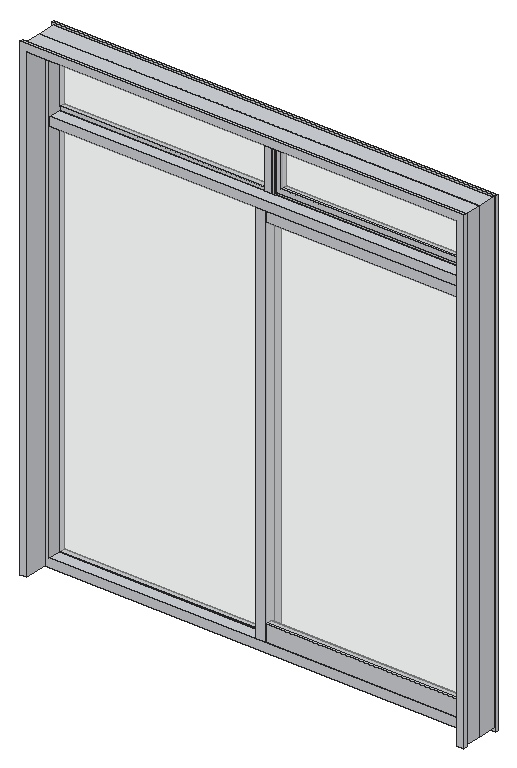
Revit family "APL Residential Thermal Heart Sliding Door SF with Overlight", category Doors, host Wall, Revit 2017 (continued)
Definition of nested family "APL Residential Thermal Heart Sliding Door SF with Overlight Vertical Section"
  Definition of nested family "Head Sash"
    Definition of nested family "65400_Jamb Fixed"
      Lines and regions (mm)
        detail lines, in view "Ref. Level"
          curve 137: line (59.107, 34.1, 0) -> (68.1, 34.1, 0)
          curve 138: line (68.3, 34.3, 0) -> (68.3, 42.5, 0)
          curve 139: line (68.8, 43, 0) -> (71.117, 43, 0)
          curve 140: line (71.887, 43.268, 0) -> (73.297, 43.782, 0)
          curve 141: line (73.699, 43.474, 0) -> (73.492, 41.108, 0)
          curve 142: line (73.405, 40.922, 0) -> (73.041, 40.559, 0)
          curve 143: line (72.707, 40.648, 0) -> (72.662, 40.816, 0)
          curve 144: line (72.521, 40.957, 0) -> (70.388, 41.528, 0)
          curve 145: line (70.2, 40.753, 0) -> (70.2, 37.525, 0)
          curve 146: line (70.2, 37.5, 0) -> (70.006, 36.75, 0)
          curve 147: line (70.2, 36.5, 0) -> (70.721, 36.5, 0)
          curve 148: line (70.877, 36.544, 0) -> (72.131, 37.309, 0)
          curve 149: line (72.7, 37.45, 0) -> (72.7, 35.876, 0)
          curve 150: line (72.7, 34.126, 0) -> (72.7, 32.551, 0)
          curve 151: line (72.131, 32.691, 0) -> (70.877, 33.456, 0)
          curve 152: line (70.721, 33.5, 0) -> (70.2, 33.5, 0)
          curve 153: line (70.006, 33.25, 0) -> (70.2, 32.5, 0)
          curve 154: line (70.2, 32.475, 0) -> (70.2, 29.247, 0)
          curve 155: line (70.532, 28.51, 0) -> (72.521, 29.043, 0)
          curve 156: line (72.662, 29.184, 0) -> (72.707, 29.352, 0)
          curve 157: line (73.041, 29.441, 0) -> (73.405, 29.078, 0)
          curve 158: line (73.492, 28.892, 0) -> (73.699, 26.526, 0)
          curve 159: line (73.297, 26.218, 0) -> (71.887, 26.732, 0)
          curve 160: line (71.117, 27, 0) -> (66.201, 27, 0)
          curve 161: line (65.7, 26.5, 0) -> (65.7, 17.481, 0)
          curve 162: line (67.7, 11, 0) -> (67.7, 9.9, 0)
          curve 163: line (67.9, 9.7, 0) -> (69.3, 9.7, 0)
          curve 164: line (69.5, 9.9, 0) -> (69.5, 10.2, 0)
          curve 165: line (70.5, 10.2, 0) -> (70.5, 7.649, 0)
          curve 166: line (69.5, 7.65, 0) -> (69.5, 8.5, 0)
          curve 167: line (69.3, 8.7, 0) -> (67.9, 8.7, 0)
          curve 168: line (67.7, 8.5, 0) -> (67.7, 1.2, 0)
          curve 169: line (67.9, 1, 0) -> (69.3, 1, 0)
          curve 170: line (69.5, 1.2, 0) -> (69.5, 2.05, 0)
          curve 171: line (70.5, 2.05, 0) -> (70.5, 0.501, 0)
          curve 172: line (70, 0, 0) -> (42.7, 0, 0)
          curve 173: line (42.5, 0.2, 0) -> (42.5, 1.75, 0)
          curve 174: line (43.5, 1.75, 0) -> (43.5, 1.2, 0)
          curve 175: line (43.7, 1, 0) -> (44.8, 1, 0)
          curve 176: line (45, 1.2, 0) -> (45, 6.3, 0)
          curve 177: line (44.8, 6.5, 0) -> (43.7, 6.5, 0)
          curve 178: line (43.5, 6.3, 0) -> (43.5, 5.75, 0)
          curve 179: line (42.5, 5.75, 0) -> (42.5, 6.5, 0)
          curve 180: line (43.5, 7.5, 0) -> (44.395, 7.5, 0)
          curve 181: line (44.6, 7.7, 0) -> (44.6, 18.8, 0)
          curve 182: line (44.395, 19, 0) -> (34.3, 19, 0)
          curve 183: line (34.3, 19, 0) -> (33.9, 19.4, 0)
          curve 184: line (33.9, 19.4, 0) -> (33.5, 19, 0)
          curve 185: line (33.5, 19, 0) -> (26.583, 19, 0)
          curve 186: line (25.813, 18.732, 0) -> (24.403, 18.218, 0)
          curve 187: line (24.001, 18.526, 0) -> (24.208, 20.892, 0)
          curve 188: line (24.295, 21.078, 0) -> (24.659, 21.441, 0)
          curve 189: line (24.993, 21.352, 0) -> (25.038, 21.184, 0)
          curve 190: line (25.179, 21.043, 0) -> (27.312, 20.472, 0)
          curve 191: line (27.5, 21.247, 0) -> (27.5, 24.475, 0)
          curve 192: line (27.5, 24.5, 0) -> (27.694, 25.25, 0)
          curve 193: line (27.5, 25.5, 0) -> (26.979, 25.5, 0)
          curve 194: line (26.823, 25.456, 0) -> (25.569, 24.691, 0)
          curve 195: line (25, 24.55, 0) -> (25, 26.126, 0)
          curve 196: line (25.479, 26.979, 0) -> (26.284, 27.471, 0)
          curve 197: line (26.389, 27.5, 0) -> (27.5, 27.5, 0)
          curve 198: line (27.5, 27.5, 0) -> (27.5, 34.3, 0)
          curve 199: arc (27.5, 34.3, 0) -> (27.447, 34.435, 0) -> (27.317, 34.499, 0) r 0.2
          curve 200: arc (70.2, 32.6, 0) -> (70.317, 32.883, 0) -> (70.6, 33, 0) r 0.4
          curve 201: arc (70.893, 33, 0) -> (70.996, 32.986, 0) -> (71.093, 32.946, 0) r 0.4
          curve 202: arc (72.621, 32.061, 0) -> (72.911, 31.941, 0) -> (73.222, 31.9, 0) r 1.2
          curve 203: arc (74.145, 31.9, 0) -> (74.718, 31.719, 0) -> (75.084, 31.242, 0) r 1
          curve 204: arc (75.877, 29.063, 0) -> (76.024, 28.872, 0) -> (76.253, 28.8, 0) r 0.4
          curve 205: arc (78.947, 28.8, 0) -> (79.176, 28.872, 0) -> (79.323, 29.063, 0) r 0.4
          curve 206: arc (80.116, 31.242, 0) -> (80.482, 31.719, 0) -> (81.055, 31.9, 0) r 1
          curve 207: arc (81.978, 31.9, 0) -> (82.289, 31.941, 0) -> (82.579, 32.061, 0) r 1.2
          curve 208: arc (84.107, 32.946, 0) -> (84.204, 32.986, 0) -> (84.307, 33, 0) r 0.4
          curve 209: arc (84.6, 33, 0) -> (84.883, 32.883, 0) -> (85, 32.6, 0) r 0.4
          curve 210: arc (85, 29.2, 0) -> (84.883, 28.917, 0) -> (84.6, 28.8, 0) r 0.4
          curve 211: arc (84.307, 28.8, 0) -> (84.204, 28.814, 0) -> (84.107, 28.854, 0) r 0.4
          curve 212: arc (82.579, 29.739, 0) -> (82.285, 29.86, 0) -> (81.97, 29.9, 0) r 1.2
          curve 213: arc (81.97, 29.9, 0) -> (81.795, 29.847, 0) -> (81.684, 29.703, 0) r 0.3
          curve 214: arc (80.796, 27.263, 0) -> (80.649, 27.072, 0) -> (80.42, 27, 0) r 0.4
          curve 215: arc (74.78, 27, 0) -> (74.551, 27.072, 0) -> (74.404, 27.263, 0) r 0.4
          curve 216: arc (73.516, 29.703, 0) -> (73.405, 29.847, 0) -> (73.23, 29.9, 0) r 0.3
          curve 217: arc (73.23, 29.9, 0) -> (72.915, 29.86, 0) -> (72.621, 29.739, 0) r 1.2
          curve 218: arc (71.093, 28.854, 0) -> (70.996, 28.814, 0) -> (70.893, 28.8, 0) r 0.4
          curve 219: arc (70.6, 28.8, 0) -> (70.317, 28.917, 0) -> (70.2, 29.2, 0) r 0.4
          curve 220: line (70.6, 33, 0) -> (70.893, 33, 0)
          curve 221: line (71.093, 32.946, 0) -> (72.621, 32.061, 0)
          curve 222: line (73.222, 31.9, 0) -> (74.145, 31.9, 0)
          curve 223: line (75.084, 31.242, 0) -> (75.877, 29.063, 0)
          curve 224: line (76.253, 28.8, 0) -> (78.947, 28.8, 0)
          curve 225: line (79.323, 29.063, 0) -> (80.116, 31.242, 0)
          curve 226: line (81.055, 31.9, 0) -> (81.978, 31.9, 0)
          curve 227: line (82.579, 32.061, 0) -> (84.107, 32.946, 0)
          curve 228: line (84.307, 33, 0) -> (84.6, 33, 0)
          curve 229: line (85, 32.6, 0) -> (85, 29.2, 0)
          curve 230: line (84.6, 28.8, 0) -> (84.307, 28.8, 0)
          curve 231: line (84.107, 28.854, 0) -> (82.579, 29.739, 0)
          curve 232: line (81.684, 29.703, 0) -> (80.796, 27.263, 0)
          curve 233: line (80.42, 27, 0) -> (74.78, 27, 0)
          curve 234: line (74.404, 27.263, 0) -> (73.516, 29.703, 0)
          curve 235: line (72.621, 29.739, 0) -> (71.093, 28.854, 0)
          curve 236: line (70.893, 28.8, 0) -> (70.6, 28.8, 0)
          curve 237: line (70.2, 29.2, 0) -> (70.2, 32.6, 0)
          curve 238: arc (70.2, 37.4, 0) -> (70.317, 37.117, 0) -> (70.6, 37, 0) r 0.4
          curve 239: arc (70.893, 37, 0) -> (70.996, 37.014, 0) -> (71.093, 37.054, 0) r 0.4
          curve 240: arc (72.621, 37.939, 0) -> (72.911, 38.059, 0) -> (73.222, 38.1, 0) r 1.2
          curve 241: arc (74.145, 38.1, 0) -> (74.718, 38.281, 0) -> (75.084, 38.758, 0) r 1
          curve 242: arc (75.877, 40.937, 0) -> (76.024, 41.128, 0) -> (76.253, 41.2, 0) r 0.4
          curve 243: arc (78.947, 41.2, 0) -> (79.176, 41.128, 0) -> (79.323, 40.937, 0) r 0.4
          curve 244: arc (80.116, 38.758, 0) -> (80.482, 38.281, 0) -> (81.055, 38.1, 0) r 1
          curve 245: arc (81.978, 38.1, 0) -> (82.289, 38.059, 0) -> (82.579, 37.939, 0) r 1.2
          curve 246: arc (84.107, 37.054, 0) -> (84.204, 37.014, 0) -> (84.307, 37, 0) r 0.4
          curve 247: arc (84.6, 37, 0) -> (84.883, 37.117, 0) -> (85, 37.4, 0) r 0.4
          curve 248: arc (85, 40.8, 0) -> (84.883, 41.083, 0) -> (84.6, 41.2, 0) r 0.4
          curve 249: arc (84.307, 41.2, 0) -> (84.204, 41.186, 0) -> (84.107, 41.146, 0) r 0.4
          curve 250: arc (82.579, 40.262, 0) -> (82.285, 40.14, 0) -> (81.97, 40.1, 0) r 1.2
          curve 251: arc (81.97, 40.1, 0) -> (81.795, 40.153, 0) -> (81.684, 40.297, 0) r 0.3
          curve 252: arc (80.796, 42.737, 0) -> (80.649, 42.928, 0) -> (80.42, 43, 0) r 0.4
          curve 253: arc (74.78, 43, 0) -> (74.551, 42.928, 0) -> (74.404, 42.737, 0) r 0.4
          curve 254: arc (73.516, 40.297, 0) -> (73.405, 40.153, 0) -> (73.23, 40.1, 0) r 0.3
          curve 255: arc (73.23, 40.1, 0) -> (72.915, 40.14, 0) -> (72.621, 40.262, 0) r 1.2
          curve 256: arc (71.093, 41.146, 0) -> (70.996, 41.186, 0) -> (70.893, 41.2, 0) r 0.4
          curve 257: arc (70.6, 41.2, 0) -> (70.317, 41.083, 0) -> (70.2, 40.8, 0) r 0.4
          curve 258: line (70.6, 37, 0) -> (70.893, 37, 0)
          curve 259: line (71.093, 37.054, 0) -> (72.621, 37.939, 0)
          curve 260: line (73.222, 38.1, 0) -> (74.145, 38.1, 0)
          curve 261: line (75.084, 38.758, 0) -> (75.877, 40.937, 0)
          curve 262: line (76.253, 41.2, 0) -> (78.947, 41.2, 0)
          curve 263: line (79.323, 40.937, 0) -> (80.116, 38.758, 0)
          curve 264: line (81.055, 38.1, 0) -> (81.978, 38.1, 0)
          curve 265: line (82.579, 37.939, 0) -> (84.107, 37.054, 0)
          curve 266: line (84.307, 37, 0) -> (84.6, 37, 0)
          curve 267: line (85, 37.4, 0) -> (85, 40.8, 0)
          curve 268: line (84.6, 41.2, 0) -> (84.307, 41.2, 0)
          curve 269: line (84.107, 41.146, 0) -> (82.579, 40.262, 0)
          curve 270: line (81.684, 40.297, 0) -> (80.796, 42.737, 0)
          curve 271: line (80.42, 43, 0) -> (74.78, 43, 0)
          curve 272: line (74.404, 42.737, 0) -> (73.516, 40.297, 0)
          curve 273: line (72.621, 40.262, 0) -> (71.093, 41.146, 0)
          curve 274: line (70.893, 41.2, 0) -> (70.6, 41.2, 0)
          curve 275: line (70.2, 40.8, 0) -> (70.2, 37.4, 0)
          curve 276: arc (113.4, 7.123, 0) -> (113.327, 7.05, 0) -> (113.3, 6.95, 0) r 0.2
          curve 277: arc (113.3, 2.75, 0) -> (113.327, 2.65, 0) -> (113.4, 2.577, 0) r 0.2
          curve 278: arc (113.4, 2.577, 0) -> (113.473, 2.504, 0) -> (113.5, 2.404, 0) r 0.2
          curve 279: arc (113.5, 1.2, 0) -> (113.441, 1.059, 0) -> (113.3, 1, 0) r 0.2
          curve 280: arc (111.701, 1, 0) -> (111.559, 1.058, 0) -> (111.5, 1.2, 0) r 0.2
          curve 281: arc (111.5, 2.05, 0) -> (111, 2.549, 0) -> (110.5, 2.05, 0) r 0.5
          curve 282: arc (110.5, 0.5, 0) -> (110.646, 0.146, 0) -> (111, 0, 0) r 0.499
          curve 283: arc (114.5, 0, 0) -> (114.847, 0.153, 0) -> (115, 0.5, 0) r 0.523
          curve 284: arc (115, 21.5, 0) -> (114.856, 21.856, 0) -> (114.5, 22, 0) r 0.493
          curve 285: arc (111.7, 22, 0) -> (111.558, 22.058, 0) -> (111.5, 22.2, 0) r 0.199
          curve 286: arc (111.5, 29.801, 0) -> (110.852, 31.441, 0) -> (109.258, 32.195, 0) r 2.399
          curve 287: arc (109.258, 32.195, 0) -> (108.878, 32.412, 0) -> (108.814, 32.844, 0) r 0.5
          curve 288: arc (108.814, 32.844, 0) -> (109, 34.047, 0) -> (108.816, 35.25, 0) r 4
          curve 289: arc (108.816, 35.25, 0) -> (108.89, 35.696, 0) -> (109.293, 35.9, 0) r 0.5
          curve 290: arc (109.5, 35.9, 0) -> (110.914, 36.486, 0) -> (111.5, 37.9, 0) r 2.001
          curve 291: arc (120.75, 41.5, 0) -> (121.501, 42.253, 0) -> (120.745, 43, 0) r 0.75
          curve 292: arc (111.5, 43, 0) -> (110.439, 42.561, 0) -> (110, 41.5, 0) r 1.5
          curve 293: arc (110, 38, 0) -> (109.941, 37.859, 0) -> (109.8, 37.8, 0) r 0.2
          curve 294: arc (100.5, 37.8, 0) -> (100.146, 37.654, 0) -> (100, 37.3, 0) r 0.5
          curve 295: arc (100, 36.8, 0) -> (100.146, 36.446, 0) -> (100.5, 36.3, 0) r 0.5
          curve 296: arc (101.927, 36.3, 0) -> (102.266, 36.167, 0) -> (102.426, 35.84, 0) r 0.5
          curve 297: arc (102.426, 35.84, 0) -> (102.912, 35.197, 0) -> (103.7, 35.366, 0) r 0.75
          curve 298: arc (103.7, 35.366, 0) -> (105, 35.9, 0) -> (106.3, 35.366, 0) r 1.85
          curve 299: arc (106.3, 35.366, 0) -> (106.442, 35.256, 0) -> (106.607, 35.183, 0) r 0.75
          curve 300: arc (106.607, 35.183, 0) -> (106.791, 35.08, 0) -> (106.916, 34.91, 0) r 0.5
          curve 301: arc (106.916, 34.91, 0) -> (107.1, 34.05, 0) -> (106.916, 33.19, 0) r 2.1
          curve 302: arc (106.916, 33.19, 0) -> (106.791, 33.02, 0) -> (106.607, 32.917, 0) r 0.5
          curve 303: arc (106.607, 32.917, 0) -> (106.442, 32.844, 0) -> (106.3, 32.734, 0) r 0.75
          curve 304: arc (106.3, 32.734, 0) -> (105, 32.2, 0) -> (103.7, 32.734, 0) r 1.85
          curve 305: arc (103.7, 32.734, 0) -> (103.027, 32.936, 0) -> (102.482, 32.491, 0) r 0.75
          curve 306: arc (102.482, 32.491, 0) -> (102.32, 32.284, 0) -> (102.075, 32.188, 0) r 0.5
          curve 307: arc (102.075, 32.188, 0) -> (101.154, 31.86, 0) -> (100.481, 31.15, 0) r 2.1
          curve 308: arc (100.481, 31.15, 0) -> (100.298, 30.967, 0) -> (100.048, 30.9, 0) r 0.5
          curve 309: arc (91.556, 30.9, 0) -> (91.287, 30.978, 0) -> (91.103, 31.188, 0) r 0.5
          curve 310: arc (91.103, 31.188, 0) -> (90.328, 32.071, 0) -> (89.2, 32.4, 0) r 2.1
          curve 311: arc (87.9, 32.4, 0) -> (87.193, 32.693, 0) -> (86.9, 33.4, 0) r 1
          curve 312: arc (86.9, 42.5, 0) -> (86.754, 42.854, 0) -> (86.4, 43, 0) r 0.5
          curve 313: arc (84.083, 43, 0) -> (83.778, 42.801, 0) -> (83.505, 43.043, 0) r 0.3
          curve 314: arc (83.505, 43.043, 0) -> (83.439, 43.181, 0) -> (83.313, 43.268, 0) r 0.3
          curve 315: arc (81.903, 43.782, 0) -> (81.617, 43.738, 0) -> (81.501, 43.474, 0) r 0.3
          curve 316: arc (81.708, 41.108, 0) -> (81.735, 41.008, 0) -> (81.795, 40.922, 0) r 0.3
          curve 317: arc (82.159, 40.559, 0) -> (82.352, 40.507, 0) -> (82.493, 40.648, 0) r 0.2
          curve 318: arc (82.538, 40.816, 0) -> (82.59, 40.905, 0) -> (82.679, 40.957, 0) r 0.2
          curve 319: arc (84.822, 41.49, 0) -> (85.164, 41.343, 0) -> (85.1, 40.976, 0) r 0.3
          curve 320: arc (85.1, 40.976, 0) -> (85.026, 40.875, 0) -> (85, 40.753, 0) r 0.3
          curve 321: arc (85.194, 36.75, 0) -> (85.158, 36.578, 0) -> (85, 36.5, 0) r 0.2
          curve 322: arc (84.479, 36.5, 0) -> (84.398, 36.511, 0) -> (84.323, 36.544, 0) r 0.3
          curve 323: arc (83.069, 37.309, 0) -> (83.063, 37.502, 0) -> (82.92, 37.633, 0) r 0.25
          curve 324: arc (82.92, 37.633, 0) -> (82.65, 37.679, 0) -> (82.5, 37.45, 0) r 0.25
          curve 325: arc (82.5, 35.874, 0) -> (82.582, 35.477, 0) -> (82.815, 35.146, 0) r 1
          curve 326: arc (82.815, 35.146, 0) -> (82.878, 35, 0) -> (82.815, 34.854, 0) r 0.2
          curve 327: arc (82.815, 34.854, 0) -> (82.582, 34.523, 0) -> (82.5, 34.126, 0) r 1
          curve 328: arc (82.5, 32.55, 0) -> (82.628, 32.332, 0) -> (82.88, 32.337, 0) r 0.25
          curve 329: arc (82.966, 32.389, 0) -> (83.072, 32.521, 0) -> (83.069, 32.691, 0) r 0.25
          curve 330: arc (84.323, 33.456, 0) -> (84.398, 33.489, 0) -> (84.479, 33.5, 0) r 0.3
          curve 331: arc (85, 33.5, 0) -> (85.158, 33.423, 0) -> (85.194, 33.25, 0) r 0.2
          curve 332: arc (85, 29.247, 0) -> (85.026, 29.125, 0) -> (85.1, 29.024, 0) r 0.3
          curve 333: arc (85.1, 29.024, 0) -> (85.164, 28.657, 0) -> (84.822, 28.51, 0) r 0.3
          curve 334: arc (82.679, 29.043, 0) -> (82.59, 29.095, 0) -> (82.538, 29.184, 0) r 0.2
          curve 335: arc (82.493, 29.352, 0) -> (82.352, 29.493, 0) -> (82.159, 29.441, 0) r 0.2
          curve 336: arc (81.795, 29.078, 0) -> (81.735, 28.992, 0) -> (81.708, 28.892, 0) r 0.3
          curve 337: arc (81.501, 26.526, 0) -> (81.617, 26.262, 0) -> (81.903, 26.218, 0) r 0.3
          curve 338: arc (83.313, 26.732, 0) -> (83.439, 26.819, 0) -> (83.505, 26.957, 0) r 0.3
          curve 339: arc (83.505, 26.957, 0) -> (83.778, 27.199, 0) -> (84.083, 27, 0) r 0.3
          curve 340: arc (86.7, 27, 0) -> (86.841, 27.059, 0) -> (86.9, 27.2, 0) r 0.2
          curve 341: arc (86.9, 30.3, 0) -> (86.959, 30.441, 0) -> (87.1, 30.5, 0) r 0.2
          curve 342: arc (89.2, 30.5, 0) -> (89.341, 30.441, 0) -> (89.4, 30.3, 0) r 0.2
          curve 343: arc (89.4, 29.2, 0) -> (89.459, 29.059, 0) -> (89.6, 29, 0) r 0.2
          curve 344: arc (101.9, 29, 0) -> (102.042, 29.059, 0) -> (102.1, 29.2, 0) r 0.2
          curve 345: arc (102.1, 30.1, 0) -> (102.159, 30.241, 0) -> (102.3, 30.3, 0) r 0.2
          curve 346: arc (109.1, 30.3, 0) -> (109.454, 30.154, 0) -> (109.6, 29.8, 0) r 0.5
          curve 347: arc (109.6, 28.5, 0) -> (109.541, 28.359, 0) -> (109.4, 28.3, 0) r 0.2
          curve 348: arc (107.3, 28.3, 0) -> (107.159, 28.241, 0) -> (107.1, 28.1, 0) r 0.2
          curve 349: arc (107.1, 27.2, 0) -> (107.159, 27.059, 0) -> (107.3, 27, 0) r 0.2
          curve 350: arc (109.5, 27, 0) -> (109.854, 26.854, 0) -> (110, 26.5, 0) r 0.5
          curve 351: arc (110, 20.2, 0) -> (110.146, 19.846, 0) -> (110.5, 19.7, 0) r 0.5
          curve 352: arc (111.3, 19.7, 0) -> (111.441, 19.759, 0) -> (111.5, 19.9, 0) r 0.2
          curve 353: arc (113.3, 20.7, 0) -> (113.441, 20.641, 0) -> (113.5, 20.5, 0) r 0.2
          curve 354: arc (113.5, 15.6, 0) -> (113.1, 15.2, 0) -> (113.5, 14.8, 0) r 0.4
          curve 355: arc (113.5, 9.9, 0) -> (113.441, 9.759, 0) -> (113.3, 9.7, 0) r 0.2
          curve 356: arc (111.5, 10.3, 0) -> (111.383, 10.583, 0) -> (111.1, 10.7, 0) r 0.4
          curve 357: arc (111, 10.7, 0) -> (110.646, 10.553, 0) -> (110.5, 10.2, 0) r 0.5
          curve 358: arc (110.5, 7.65, 0) -> (111, 7.15, 0) -> (111.5, 7.65, 0) r 0.5
          curve 359: arc (111.5, 8.5, 0) -> (111.559, 8.641, 0) -> (111.7, 8.7, 0) r 0.2
          curve 360: arc (113.3, 8.7, 0) -> (113.441, 8.641, 0) -> (113.5, 8.5, 0) r 0.2
          curve 361: line (113.3, 6.95, 0) -> (113.3, 2.75, 0)
          curve 362: line (113.5, 2.404, 0) -> (113.5, 1.2, 0)
          curve 363: line (113.3, 1, 0) -> (111.701, 1, 0)
          curve 364: line (111.5, 1.2, 0) -> (111.5, 2.05, 0)
          curve 365: line (110.5, 2.05, 0) -> (110.5, 0.5, 0)
          curve 366: line (111, 0, 0) -> (114.5, 0, 0)
          curve 367: line (115, 0.5, 0) -> (115, 21.5, 0)
          curve 368: line (114.5, 22, 0) -> (111.7, 22, 0)
          curve 369: line (111.5, 22.2, 0) -> (111.5, 29.801, 0)
          curve 370: line (109.293, 35.9, 0) -> (109.5, 35.9, 0)
          curve 371: line (111.5, 37.9, 0) -> (111.5, 41.5, 0)
          curve 372: line (111.5, 41.5, 0) -> (120.75, 41.5, 0)
          curve 373: line (120.745, 43, 0) -> (119, 43, 0)
          curve 374: line (119, 43, 0) -> (118.6, 42.6, 0)
          curve 375: line (118.6, 42.6, 0) -> (112.3, 42.6, 0)
          curve 376: line (112.3, 42.6, 0) -> (111.9, 43, 0)
          curve 377: line (111.9, 43, 0) -> (111.5, 43, 0)
          curve 378: line (110, 41.5, 0) -> (110, 38, 0)
          curve 379: line (109.8, 37.8, 0) -> (100.5, 37.8, 0)
          curve 380: line (100, 37.3, 0) -> (100, 36.8, 0)
          curve 381: line (100.5, 36.3, 0) -> (101.927, 36.3, 0)
          curve 382: line (100.048, 30.9, 0) -> (91.556, 30.9, 0)
          curve 383: line (89.2, 32.4, 0) -> (87.9, 32.4, 0)
          curve 384: line (86.9, 33.4, 0) -> (86.9, 42.5, 0)
          curve 385: line (86.4, 43, 0) -> (84.083, 43, 0)
          curve 386: line (83.313, 43.268, 0) -> (81.903, 43.782, 0)
          curve 387: line (81.501, 43.474, 0) -> (81.708, 41.108, 0)
          curve 388: line (81.795, 40.922, 0) -> (82.159, 40.559, 0)
          curve 389: line (82.493, 40.648, 0) -> (82.538, 40.816, 0)
          curve 390: line (82.679, 40.957, 0) -> (84.812, 41.528, 0)
          curve 391: line (85, 40.753, 0) -> (85, 37.525, 0)
          curve 392: line (85, 37.5, 0) -> (85.194, 36.75, 0)
          curve 393: line (85, 36.5, 0) -> (84.479, 36.5, 0)
          curve 394: line (84.323, 36.544, 0) -> (83.069, 37.309, 0)
          curve 395: line (82.5, 37.45, 0) -> (82.5, 35.874, 0)
          curve 396: line (82.5, 34.126, 0) -> (82.5, 32.55, 0)
          curve 397: line (83.069, 32.691, 0) -> (84.323, 33.456, 0)
          curve 398: line (84.479, 33.5, 0) -> (85, 33.5, 0)
          curve 399: line (85.194, 33.25, 0) -> (85, 32.5, 0)
          curve 400: line (85, 32.475, 0) -> (85, 29.248, 0)
          curve 401: line (84.812, 28.472, 0) -> (82.679, 29.043, 0)
          curve 402: line (82.538, 29.184, 0) -> (82.493, 29.352, 0)
          curve 403: line (82.159, 29.441, 0) -> (81.795, 29.078, 0)
          curve 404: line (81.708, 28.892, 0) -> (81.501, 26.526, 0)
          curve 405: line (81.903, 26.218, 0) -> (83.313, 26.732, 0)
          curve 406: line (84.083, 27, 0) -> (86.7, 27, 0)
          curve 407: line (86.9, 27.2, 0) -> (86.9, 30.3, 0)
          curve 408: line (87.1, 30.5, 0) -> (89.2, 30.5, 0)
          curve 409: line (89.4, 30.3, 0) -> (89.4, 29.2, 0)
          curve 410: line (89.6, 29, 0) -> (95.4, 29, 0)
          curve 411: line (95.4, 29, 0) -> (95.8, 29.4, 0)
          curve 412: line (95.8, 29.4, 0) -> (96.2, 29, 0)
          curve 413: line (96.2, 29, 0) -> (101.9, 29, 0)
          curve 414: line (102.1, 29.2, 0) -> (102.1, 30.1, 0)
          curve 415: line (102.3, 30.3, 0) -> (109.1, 30.3, 0)
          curve 416: line (109.6, 29.8, 0) -> (109.6, 28.5, 0)
          curve 417: line (109.4, 28.3, 0) -> (107.3, 28.3, 0)
          curve 418: line (107.1, 28.1, 0) -> (107.1, 27.2, 0)
          curve 419: line (107.3, 27, 0) -> (109.5, 27, 0)
          curve 420: line (110, 26.5, 0) -> (110, 20.2, 0)
          curve 421: line (110.5, 19.7, 0) -> (111.3, 19.7, 0)
          curve 422: line (111.5, 19.9, 0) -> (111.5, 20.7, 0)
          curve 423: line (111.5, 20.7, 0) -> (113.3, 20.7, 0)
          curve 424: line (113.5, 20.5, 0) -> (113.5, 15.6, 0)
          curve 425: line (113.5, 14.8, 0) -> (113.5, 9.9, 0)
          curve 426: line (113.3, 9.7, 0) -> (111.5, 9.7, 0)
          curve 427: line (111.5, 9.7, 0) -> (111.5, 10.3, 0)
          curve 428: line (110.5, 10.2, 0) -> (110.5, 7.65, 0)
          curve 429: line (111.5, 7.65, 0) -> (111.5, 8.5, 0)
          curve 430: line (111.7, 8.7, 0) -> (113.3, 8.7, 0)
          curve 431: line (113.5, 8.5, 0) -> (113.5, 7.296, 0)
          curve 432: arc (113.5, 7.296, 0) -> (113.473, 7.196, 0) -> (113.4, 7.123, 0) r 0.2
          curve 433: arc (12.7, 24.6, 0) -> (12.817, 24.883, 0) -> (13.1, 25, 0) r 0.4
          curve 434: arc (13.393, 25, 0) -> (13.496, 24.986, 0) -> (13.593, 24.946, 0) r 0.4
          curve 435: arc (15.121, 24.062, 0) -> (15.411, 23.941, 0) -> (15.722, 23.9, 0) r 1.2
          curve 436: arc (16.645, 23.9, 0) -> (17.218, 23.719, 0) -> (17.584, 23.242, 0) r 1
          curve 437: arc (18.377, 21.063, 0) -> (18.524, 20.872, 0) -> (18.753, 20.8, 0) r 0.4
          curve 438: arc (21.447, 20.8, 0) -> (21.676, 20.872, 0) -> (21.823, 21.063, 0) r 0.4
          curve 439: arc (22.616, 23.242, 0) -> (22.982, 23.719, 0) -> (23.555, 23.9, 0) r 1
          curve 440: arc (24.478, 23.9, 0) -> (24.789, 23.941, 0) -> (25.079, 24.062, 0) r 1.2
          curve 441: arc (26.607, 24.946, 0) -> (26.704, 24.986, 0) -> (26.807, 25, 0) r 0.4
          curve 442: arc (27.1, 25, 0) -> (27.383, 24.883, 0) -> (27.5, 24.6, 0) r 0.4
          curve 443: arc (27.5, 21.2, 0) -> (27.383, 20.917, 0) -> (27.1, 20.8, 0) r 0.4
          curve 444: arc (26.807, 20.8, 0) -> (26.704, 20.814, 0) -> (26.607, 20.854, 0) r 0.4
          curve 445: arc (25.079, 21.739, 0) -> (24.785, 21.86, 0) -> (24.47, 21.9, 0) r 1.2
          curve 446: arc (24.47, 21.9, 0) -> (24.295, 21.847, 0) -> (24.184, 21.703, 0) r 0.3
          curve 447: arc (23.296, 19.263, 0) -> (23.149, 19.072, 0) -> (22.92, 19, 0) r 0.4
          curve 448: arc (17.28, 19, 0) -> (17.051, 19.072, 0) -> (16.904, 19.263, 0) r 0.4
          curve 449: arc (16.016, 21.703, 0) -> (15.905, 21.847, 0) -> (15.73, 21.9, 0) r 0.3
          curve 450: arc (15.73, 21.9, 0) -> (15.415, 21.86, 0) -> (15.121, 21.739, 0) r 1.2
          curve 451: arc (13.593, 20.854, 0) -> (13.496, 20.814, 0) -> (13.393, 20.8, 0) r 0.4
          curve 452: arc (13.1, 20.8, 0) -> (12.817, 20.917, 0) -> (12.7, 21.2, 0) r 0.4
          curve 453: line (13.1, 25, 0) -> (13.393, 25, 0)
          curve 454: line (13.593, 24.946, 0) -> (15.121, 24.062, 0)
          curve 455: line (15.722, 23.9, 0) -> (16.645, 23.9, 0)
          curve 456: line (17.584, 23.242, 0) -> (18.377, 21.063, 0)
          curve 457: line (18.753, 20.8, 0) -> (21.447, 20.8, 0)
          curve 458: line (21.823, 21.063, 0) -> (22.616, 23.242, 0)
          curve 459: line (23.555, 23.9, 0) -> (24.478, 23.9, 0)
          curve 460: line (25.079, 24.062, 0) -> (26.607, 24.946, 0)
          curve 461: line (26.807, 25, 0) -> (27.1, 25, 0)
          curve 462: line (27.5, 24.6, 0) -> (27.5, 21.2, 0)
          curve 463: line (27.1, 20.8, 0) -> (26.807, 20.8, 0)
          curve 464: line (26.607, 20.854, 0) -> (25.079, 21.739, 0)
          curve 465: line (24.184, 21.703, 0) -> (23.296, 19.263, 0)
          curve 466: line (22.92, 19, 0) -> (17.28, 19, 0)
          curve 467: line (16.904, 19.263, 0) -> (16.016, 21.703, 0)
          curve 468: line (15.121, 21.739, 0) -> (13.593, 20.854, 0)
          curve 469: line (13.393, 20.8, 0) -> (13.1, 20.8, 0)
          curve 470: line (12.7, 21.2, 0) -> (12.7, 24.6, 0)
          curve 471: arc (12.7, 40.8, 0) -> (12.817, 41.083, 0) -> (13.1, 41.2, 0) r 0.4
          curve 472: arc (13.393, 41.2, 0) -> (13.496, 41.186, 0) -> (13.593, 41.146, 0) r 0.4
          curve 473: arc (15.121, 40.262, 0) -> (15.411, 40.141, 0) -> (15.722, 40.1, 0) r 1.2
          curve 474: arc (16.645, 40.1, 0) -> (17.218, 39.919, 0) -> (17.584, 39.442, 0) r 1
          curve 475: arc (18.377, 37.263, 0) -> (18.524, 37.072, 0) -> (18.753, 37, 0) r 0.4
          curve 476: arc (21.447, 37, 0) -> (21.676, 37.072, 0) -> (21.823, 37.263, 0) r 0.4
          curve 477: arc (22.616, 39.442, 0) -> (22.982, 39.919, 0) -> (23.555, 40.1, 0) r 1
          curve 478: arc (24.478, 40.1, 0) -> (24.789, 40.141, 0) -> (25.079, 40.262, 0) r 1.2
          curve 479: arc (26.607, 41.146, 0) -> (26.704, 41.186, 0) -> (26.807, 41.2, 0) r 0.4
          curve 480: arc (27.1, 41.2, 0) -> (27.383, 41.083, 0) -> (27.5, 40.8, 0) r 0.4
          curve 481: arc (27.5, 37.4, 0) -> (27.383, 37.117, 0) -> (27.1, 37, 0) r 0.4
          curve 482: arc (26.807, 37, 0) -> (26.704, 37.014, 0) -> (26.607, 37.054, 0) r 0.4
          curve 483: arc (25.079, 37.939, 0) -> (24.785, 38.06, 0) -> (24.47, 38.1, 0) r 1.2
          curve 484: arc (24.47, 38.1, 0) -> (24.295, 38.047, 0) -> (24.184, 37.903, 0) r 0.3
          curve 485: arc (23.296, 35.463, 0) -> (23.149, 35.272, 0) -> (22.92, 35.2, 0) r 0.4
          curve 486: arc (17.28, 35.2, 0) -> (17.051, 35.272, 0) -> (16.904, 35.463, 0) r 0.4
          curve 487: arc (16.016, 37.903, 0) -> (15.905, 38.047, 0) -> (15.73, 38.1, 0) r 0.3
          curve 488: arc (15.73, 38.1, 0) -> (15.415, 38.06, 0) -> (15.121, 37.939, 0) r 1.2
          curve 489: arc (13.593, 37.054, 0) -> (13.496, 37.014, 0) -> (13.393, 37, 0) r 0.4
          curve 490: arc (13.1, 37, 0) -> (12.817, 37.117, 0) -> (12.7, 37.4, 0) r 0.4
          curve 491: line (13.1, 41.2, 0) -> (13.393, 41.2, 0)
          curve 492: line (13.593, 41.146, 0) -> (15.121, 40.262, 0)
          curve 493: line (15.722, 40.1, 0) -> (16.645, 40.1, 0)
          curve 494: line (17.584, 39.442, 0) -> (18.377, 37.263, 0)
          curve 495: line (18.753, 37, 0) -> (21.447, 37, 0)
          curve 496: line (21.823, 37.263, 0) -> (22.616, 39.442, 0)
          curve 497: line (23.555, 40.1, 0) -> (24.478, 40.1, 0)
          curve 498: line (25.079, 40.262, 0) -> (26.607, 41.146, 0)
          curve 499: line (26.807, 41.2, 0) -> (27.1, 41.2, 0)
          curve 500: line (27.5, 40.8, 0) -> (27.5, 37.4, 0)
          curve 501: line (27.1, 37, 0) -> (26.807, 37, 0)
          curve 502: line (26.607, 37.054, 0) -> (25.079, 37.939, 0)
          curve 503: line (24.184, 37.903, 0) -> (23.296, 35.463, 0)
          curve 504: line (22.92, 35.2, 0) -> (17.28, 35.2, 0)
          curve 505: line (16.904, 35.463, 0) -> (16.016, 37.903, 0)
          curve 506: line (15.121, 37.939, 0) -> (13.593, 37.054, 0)
          curve 507: line (13.393, 37, 0) -> (13.1, 37, 0)
          curve 508: line (12.7, 37.4, 0) -> (12.7, 40.8, 0)
          curve 509: arc (10.8, 36.502, 0) -> (11.356, 35.157, 0) -> (12.7, 34.6, 0) r 1.9
          curve 510: arc (13.1, 34.6, 0) -> (13.241, 34.541, 0) -> (13.3, 34.4, 0) r 0.2
          curve 511: arc (13.3, 27.6, 0) -> (13.241, 27.459, 0) -> (13.1, 27.4, 0) r 0.2
          curve 512: arc (11, 27.4, 0) -> (10.859, 27.341, 0) -> (10.8, 27.2, 0) r 0.2
          curve 513: arc (10.8, 26.717, 0) -> (10.741, 26.575, 0) -> (10.6, 26.517, 0) r 0.2
          curve 514: arc (1.9, 26.517, 0) -> (1.546, 26.663, 0) -> (1.4, 27.017, 0) r 0.5
          curve 515: arc (1.4, 40.755, 0) -> (1.521, 41.369, 0) -> (1.869, 41.889, 0) r 1.6
          curve 516: arc (6.387, 46.407, 0) -> (6.711, 46.624, 0) -> (7.094, 46.7, 0) r 1
          curve 517: arc (9.8, 46.7, 0) -> (10.507, 46.407, 0) -> (10.8, 45.7, 0) r 1
          curve 518: arc (1.665, 19.379, 0) -> (1.729, 19.478, 0) -> (1.725, 19.597, 0) r 0.2
          curve 519: arc (1.725, 19.597, 0) -> (1.621, 19.766, 0) -> (1.453, 19.873, 0) r 0.45
          curve 520: arc (1.453, 19.873, 0) -> (1.357, 19.948, 0) -> (1.322, 20.064, 0) r 0.2
          curve 521: arc (1.379, 24.919, 0) -> (1.438, 25.059, 0) -> (1.579, 25.117, 0) r 0.2
          curve 522: arc (10.6, 25.117, 0) -> (10.741, 25.058, 0) -> (10.8, 24.917, 0) r 0.2
          curve 523: arc (10.8, 20.828, 0) -> (10.773, 20.728, 0) -> (10.7, 20.655, 0) r 0.2
          curve 524: arc (9.6, 20.02, 0) -> (9.38, 19.8, 0) -> (9.3, 19.5, 0) r 0.6
          curve 525: arc (9.3, 19.2, 0) -> (9.359, 19.059, 0) -> (9.5, 19, 0) r 0.2
          curve 526: arc (13.617, 19, 0) -> (13.922, 19.199, 0) -> (14.195, 18.957, 0) r 0.3
          curve 527: arc (14.195, 18.957, 0) -> (14.261, 18.819, 0) -> (14.387, 18.732, 0) r 0.3
          curve 528: arc (15.797, 18.218, 0) -> (16.083, 18.262, 0) -> (16.199, 18.526, 0) r 0.3
          curve 529: arc (15.992, 20.892, 0) -> (15.965, 20.992, 0) -> (15.905, 21.078, 0) r 0.3
          curve 530: arc (15.541, 21.441, 0) -> (15.348, 21.493, 0) -> (15.207, 21.352, 0) r 0.2
          curve 531: arc (15.162, 21.184, 0) -> (15.11, 21.095, 0) -> (15.021, 21.043, 0) r 0.2
          curve 532: arc (12.878, 20.51, 0) -> (12.536, 20.657, 0) -> (12.6, 21.024, 0) r 0.3
          curve 533: arc (12.6, 21.024, 0) -> (12.674, 21.125, 0) -> (12.7, 21.247, 0) r 0.3
          curve 534: arc (12.506, 25.25, 0) -> (12.542, 25.422, 0) -> (12.7, 25.5, 0) r 0.2
          curve 535: arc (13.221, 25.5, 0) -> (13.302, 25.489, 0) -> (13.377, 25.456, 0) r 0.3
          curve 536: arc (14.631, 24.691, 0) -> (14.637, 24.498, 0) -> (14.78, 24.367, 0) r 0.25
          curve 537: arc (14.78, 24.367, 0) -> (15.05, 24.321, 0) -> (15.2, 24.55, 0) r 0.25
          curve 538: arc (15.2, 34.401, 0) -> (15.259, 34.542, 0) -> (15.4, 34.6, 0) r 0.2
          curve 539: arc (16.479, 34.6, 0) -> (16.643, 34.685, 0) -> (16.667, 34.868, 0) r 0.2
          curve 540: arc (15.775, 37.318, 0) -> (15.702, 37.414, 0) -> (15.587, 37.45, 0) r 0.2
          curve 541: arc (15.353, 37.45, 0) -> (15.248, 37.48, 0) -> (15.174, 37.561, 0) r 0.2
          curve 542: arc (15.174, 37.561, 0) -> (14.995, 37.696, 0) -> (14.78, 37.633, 0) r 0.25
          curve 543: arc (14.78, 37.633, 0) -> (14.637, 37.502, 0) -> (14.631, 37.309, 0) r 0.25
          curve 544: arc (13.377, 36.544, 0) -> (13.302, 36.511, 0) -> (13.221, 36.5, 0) r 0.3
          curve 545: arc (12.7, 36.5, 0) -> (12.542, 36.578, 0) -> (12.506, 36.75, 0) r 0.2
          curve 546: arc (12.7, 40.753, 0) -> (12.674, 40.875, 0) -> (12.6, 40.976, 0) r 0.3
          curve 547: arc (12.6, 40.976, 0) -> (12.536, 41.343, 0) -> (12.878, 41.49, 0) r 0.3
          curve 548: arc (15.021, 40.957, 0) -> (15.11, 40.905, 0) -> (15.162, 40.816, 0) r 0.2
          curve 549: arc (15.207, 40.648, 0) -> (15.348, 40.507, 0) -> (15.541, 40.559, 0) r 0.2
          curve 550: arc (15.905, 40.922, 0) -> (15.965, 41.008, 0) -> (15.992, 41.108, 0) r 0.3
          curve 551: arc (16.199, 43.474, 0) -> (16.083, 43.738, 0) -> (15.797, 43.782, 0) r 0.3
          curve 552: arc (14.387, 43.268, 0) -> (14.261, 43.181, 0) -> (14.195, 43.043, 0) r 0.3
          curve 553: arc (14.195, 43.043, 0) -> (13.922, 42.801, 0) -> (13.617, 43, 0) r 0.3
          curve 554: arc (12.6, 43, 0) -> (12.459, 43.059, 0) -> (12.4, 43.2, 0) r 0.2
          curve 555: arc (12.4, 45.696, 0) -> (11.64, 47.537, 0) -> (9.8, 48.3, 0) r 2.6
          curve 556: arc (7.9, 48.3, 0) -> (7.547, 48.446, 0) -> (7.4, 48.8, 0) r 0.5
          curve 557: arc (7.4, 56.402, 0) -> (7.508, 56.581, 0) -> (7.716, 56.566, 0) r 0.2
          curve 558: arc (7.716, 56.566, 0) -> (8.721, 56.692, 0) -> (8.684, 57.705, 0) r 0.75
          curve 559: arc (8.684, 57.705, 0) -> (8.15, 59.005, 0) -> (8.684, 60.305, 0) r 1.85
          curve 560: arc (8.684, 60.305, 0) -> (8.794, 60.447, 0) -> (8.867, 60.612, 0) r 0.75
          curve 561: arc (8.867, 60.612, 0) -> (8.97, 60.796, 0) -> (9.14, 60.921, 0) r 0.5
          curve 562: arc (9.14, 60.921, 0) -> (10, 61.105, 0) -> (10.86, 60.921, 0) r 2.1
          curve 563: arc (10.86, 60.921, 0) -> (11.03, 60.796, 0) -> (11.133, 60.612, 0) r 0.5
          curve 564: arc (11.133, 60.612, 0) -> (11.206, 60.447, 0) -> (11.316, 60.305, 0) r 0.75
          curve 565: arc (11.316, 60.305, 0) -> (11.85, 59.005, 0) -> (11.316, 57.705, 0) r 1.85
          curve 566: arc (11.316, 57.705, 0) -> (11.323, 56.644, 0) -> (12.384, 56.651, 0) r 0.75
          curve 567: arc (12.384, 56.651, 0) -> (13.348, 58.881, 0) -> (12.551, 61.176, 0) r 3.35
          curve 568: arc (12.551, 61.176, 0) -> (12.478, 61.71, 0) -> (12.932, 62, 0) r 0.5
          curve 569: arc (13.15, 62, 0) -> (13.291, 62.059, 0) -> (13.35, 62.2, 0) r 0.2
          curve 570: arc (13.35, 62.5, 0) -> (13.204, 62.854, 0) -> (12.85, 63, 0) r 0.5
          curve 571: arc (7, 63, 0) -> (6.293, 62.707, 0) -> (6, 62, 0) r 1
          curve 572: arc (6, 49.243, 0) -> (5.772, 48.095, 0) -> (5.121, 47.121, 0) r 3
          curve 573: arc (0.879, 42.879, 0) -> (0.228, 41.905, 0) -> (0, 40.757, 0) r 3
          curve 574: arc (0, 19.2, 0) -> (0.059, 19.059, 0) -> (0.2, 19, 0) r 0.2
          curve 575: line (10.8, 45.7, 0) -> (10.8, 36.502, 0)
          curve 576: line (12.7, 34.6, 0) -> (13.1, 34.6, 0)
          curve 577: line (13.3, 34.4, 0) -> (13.3, 27.6, 0)
          curve 578: line (13.1, 27.4, 0) -> (11, 27.4, 0)
          curve 579: line (10.8, 27.2, 0) -> (10.8, 26.717, 0)
          curve 580: line (10.6, 26.517, 0) -> (1.9, 26.517, 0)
          curve 581: line (1.4, 27.017, 0) -> (1.4, 40.755, 0)
          curve 582: line (1.869, 41.889, 0) -> (6.387, 46.407, 0)
          curve 583: line (7.094, 46.7, 0) -> (9.8, 46.7, 0)
          curve 584: line (1.322, 20.064, 0) -> (1.379, 24.919, 0)
          curve 585: line (1.579, 25.117, 0) -> (10.6, 25.117, 0)
          curve 586: line (10.8, 24.917, 0) -> (10.8, 20.828, 0)
          curve 587: line (10.7, 20.655, 0) -> (9.6, 20.02, 0)
          curve 588: line (9.3, 19.5, 0) -> (9.3, 19.2, 0)
          curve 589: line (9.5, 19, 0) -> (13.617, 19, 0)
          curve 590: line (14.387, 18.732, 0) -> (15.797, 18.218, 0)
          curve 591: line (16.199, 18.526, 0) -> (15.992, 20.892, 0)
          curve 592: line (15.905, 21.078, 0) -> (15.541, 21.441, 0)
          curve 593: line (15.207, 21.352, 0) -> (15.162, 21.184, 0)
          curve 594: line (15.021, 21.043, 0) -> (12.888, 20.472, 0)
          curve 595: line (12.7, 21.247, 0) -> (12.7, 24.475, 0)
          curve 596: line (12.7, 24.5, 0) -> (12.506, 25.25, 0)
          curve 597: line (12.7, 25.5, 0) -> (13.221, 25.5, 0)
          curve 598: line (13.377, 25.456, 0) -> (14.631, 24.691, 0)
          curve 599: line (15.2, 24.55, 0) -> (15.2, 26.126, 0)
          curve 600: line (15.2, 26.126, 0) -> (15.2, 34.401, 0)
          curve 601: line (15.4, 34.6, 0) -> (16.479, 34.6, 0)
          curve 602: line (16.667, 34.868, 0) -> (15.775, 37.318, 0)
          curve 603: line (15.587, 37.45, 0) -> (15.353, 37.45, 0)
          curve 604: line (14.631, 37.309, 0) -> (13.377, 36.544, 0)
          curve 605: line (13.221, 36.5, 0) -> (12.7, 36.5, 0)
          curve 606: line (12.506, 36.75, 0) -> (12.7, 37.5, 0)
          curve 607: line (12.7, 37.525, 0) -> (12.7, 40.753, 0)
          curve 608: line (12.888, 41.528, 0) -> (15.021, 40.957, 0)
          curve 609: line (15.162, 40.816, 0) -> (15.207, 40.648, 0)
          curve 610: line (15.541, 40.559, 0) -> (15.905, 40.922, 0)
          curve 611: line (15.992, 41.108, 0) -> (16.199, 43.474, 0)
          curve 612: line (15.797, 43.782, 0) -> (14.387, 43.268, 0)
          curve 613: line (13.617, 43, 0) -> (12.6, 43, 0)
          curve 614: line (12.4, 43.2, 0) -> (12.4, 45.696, 0)
          curve 615: line (9.8, 48.3, 0) -> (7.9, 48.3, 0)
          curve 616: line (7.4, 48.8, 0) -> (7.4, 56.402, 0)
          curve 617: line (12.932, 62, 0) -> (13.15, 62, 0)
          curve 618: line (13.35, 62.2, 0) -> (13.35, 62.5, 0)
          curve 619: line (12.85, 63, 0) -> (7, 63, 0)
          curve 620: line (6, 62, 0) -> (6, 49.243, 0)
          curve 621: line (5.121, 47.121, 0) -> (0.879, 42.879, 0)
          curve 622: line (0, 40.757, 0) -> (0, 19.2, 0)
          curve 623: line (0.2, 19, 0) -> (1.214, 19, 0)
          curve 624: line (1.214, 19, 0) -> (1.665, 19.379, 0)
      Text (mm)
        text "65400" at (42.552, 67.011, 0), in view "Ref. Level"
    Definition of nested family "65585_Infill"
      Reference planes
        plane 1 "Center (Front/Back)": y = 0
        plane 2: z = 0
        plane 3 "Center (Left/Right)": x = 0
      Lines and regions (mm)
        model lines, in view "Ref. Level"
          curve 1: arc (0.752, -3.072, 0) -> (0.936, -2.765, 0) -> (1, -2.413, 0) r 1
          curve 2: arc (1, -2, 0) -> (1.146, -1.646, 0) -> (1.5, -1.5, 0) r 0.5
          curve 3: arc (36.55, -1.5, 0) -> (36.904, -1.646, 0) -> (37.05, -2, 0) r 0.5
          curve 4: arc (37.05, -2.542, 0) -> (37.582, -3.901, 0) -> (38.896, -4.536, 0) r 2
          curve 5: arc (38.896, -4.536, 0) -> (39.7, -4.528, 0) -> (40.49, -4.38, 0) r 4.6
          curve 6: arc (40.49, -4.38, 0) -> (40.927, -4.463, 0) -> (41.125, -4.861, 0) r 0.5
          curve 7: arc (41.125, -5.356, 0) -> (41.077, -5.571, 0) -> (40.941, -5.744, 0) r 0.5
          curve 8: arc (40.941, -5.744, 0) -> (40.536, -5.965, 0) -> (40.078, -6.026, 0) r 1.261
          curve 9: arc (40.078, -6.026, 0) -> (38.967, -6.436, 0) -> (38.5, -7.524, 0) r 1.5
          curve 10: arc (38.5, -11, 0) -> (38.793, -11.707, 0) -> (39.5, -12, 0) r 1
          curve 11: arc (41.5, -12, 0) -> (42, -11.5, 0) -> (41.5, -11, 0) r 0.5
          curve 12: arc (39.5, -7.524, 0) -> (39.656, -7.161, 0) -> (40.026, -7.024, 0) r 0.5
          curve 13: arc (40.026, -7.024, 0) -> (41.175, -6.779, 0) -> (42.045, -5.99, 0) r 2.261
          curve 14: arc (42.045, -5.99, 0) -> (42.105, -5.861, 0) -> (42.125, -5.72, 0) r 0.5
          curve 15: arc (42.125, -3.292, 0) -> (41.854, -2.848, 0) -> (41.335, -2.884, 0) r 0.5
          curve 16: arc (41.335, -2.884, 0) -> (40.212, -3.419, 0) -> (38.973, -3.539, 0) r 3.6
          curve 17: arc (38.973, -3.539, 0) -> (38.316, -3.222, 0) -> (38.05, -2.542, 0) r 1
          curve 18: arc (38.05, -2.011, 0) -> (38.088, -1.819, 0) -> (38.196, -1.657, 0) r 0.5
          curve 19: arc (39.427, -0.427, 0) -> (39.481, -0.154, 0) -> (39.25, 0, 0) r 0.25
          curve 20: arc (0.5, 0, 0) -> (0.146, -0.146, 0) -> (0, -0.5, 0) r 0.5
          curve 21: line (1, -2.413, 0) -> (1, -2, 0)
          curve 22: line (1.5, -1.5, 0) -> (36.55, -1.5, 0)
          curve 23: line (37.05, -2, 0) -> (37.05, -2.542, 0)
          curve 24: line (41.125, -4.861, 0) -> (41.125, -5.356, 0)
          curve 25: line (38.5, -7.524, 0) -> (38.5, -11, 0)
          curve 26: line (39.5, -12, 0) -> (41.5, -12, 0)
          curve 27: line (41.5, -11, 0) -> (39.5, -11, 0)
          curve 28: line (39.5, -11, 0) -> (39.5, -7.524, 0)
          curve 29: line (42.125, -5.72, 0) -> (42.125, -3.292, 0)
          curve 30: line (38.05, -2.542, 0) -> (38.05, -2.011, 0)
          curve 31: line (38.196, -1.657, 0) -> (39.427, -0.427, 0)
          curve 32: line (39.25, 0, 0) -> (0.5, 0, 0)
          curve 33: line (0, -0.5, 0) -> (0, -2.413, 0)
          curve 34: arc (0, -2.413, 0) -> (-0.837, -6.153, 0) -> (1.856, -8.881, 0) r 4
          curve 35: arc (1.856, -8.881, 0) -> (2.479, -8.546, 0) -> (2.144, -7.923, 0) r 0.5
          curve 36: arc (2.144, -7.923, 0) -> (0.124, -5.878, 0) -> (0.752, -3.072, 0) r 3
      Text (mm)
        text "65585" at (9.33, 14.342, 0), in view "Ref. Level"
    Definition of nested family "65720_Sash"
      Reference planes
        plane 1 "Center (Front/Back)": y = 0
        plane 2: z = 0
        plane 3 "Center (Left/Right)": x = 0
      Lines and regions (mm)
        detail lines, in view "Ref. Level"
          curve 1: arc (-0.482, 17.85, 0) -> (-0.172, 17.71, 0) -> (-0.009, 18.009, 0) r 0.25
          curve 2: arc (-0.036, 27.897, 0) -> (-0.198, 28.196, 0) -> (-0.508, 28.056, 0) r 0.25
          curve 3: line (-0.009, 18.009, 0) -> (-1.003, 21.876, 0)
          curve 4: line (-1.003, 21.876, 0) -> (0, 22.455, 0)
          curve 5: line (0, 22.455, 0) -> (0, 23.455, 0)
          curve 6: line (0, 23.455, 0) -> (-1.025, 24.047, 0)
          curve 7: line (-1.025, 24.047, 0) -> (-0.036, 27.897, 0)
          curve 8: line (-0.508, 28.056, 0) -> (-2.232, 23.955, 0)
          curve 9: line (-2.232, 23.955, 0) -> (-3.5, 23.955, 0)
          curve 10: line (-3.5, 23.955, 0) -> (-3.5, 25.205, 0)
          curve 11: line (-3.5, 25.205, 0) -> (-4.5, 25.205, 0)
          curve 12: line (-4.5, 25.205, 0) -> (-4.5, 20.705, 0)
          curve 13: line (-4.5, 20.705, 0) -> (-3.5, 20.705, 0)
          curve 14: line (-3.5, 20.705, 0) -> (-3.5, 21.955, 0)
          curve 15: line (-3.5, 21.955, 0) -> (-2.208, 21.955, 0)
          curve 16: line (-2.208, 21.955, 0) -> (-0.482, 17.85, 0)
        detail lines, in view "Ref. Level", not visible
          curve 17: arc (33.161, -9.933, 0) -> (32.851, -9.793, 0) -> (32.689, -10.092, 0) r 0.25
          curve 18: arc (32.715, -19.98, 0) -> (32.877, -20.279, 0) -> (33.188, -20.139, 0) r 0.25
          curve 19: line (32.689, -10.092, 0) -> (33.683, -13.959, 0)
          curve 20: line (33.683, -13.959, 0) -> (32.679, -14.539, 0)
          curve 21: line (32.679, -14.539, 0) -> (32.679, -15.539, 0)
          curve 22: line (32.679, -15.539, 0) -> (33.705, -16.131, 0)
          curve 23: line (33.705, -16.131, 0) -> (32.715, -19.98, 0)
          curve 24: line (33.188, -20.139, 0) -> (34.912, -16.039, 0)
          curve 25: line (34.912, -16.039, 0) -> (36.179, -16.039, 0)
          curve 26: line (36.179, -16.039, 0) -> (36.179, -17.289, 0)
          curve 27: line (36.179, -17.289, 0) -> (37.179, -17.289, 0)
          curve 28: line (37.179, -17.289, 0) -> (37.179, -12.789, 0)
          curve 29: line (37.179, -12.789, 0) -> (36.179, -12.789, 0)
          curve 30: line (36.179, -12.789, 0) -> (36.179, -14.039, 0)
          curve 31: line (36.179, -14.039, 0) -> (34.887, -14.039, 0)
          curve 32: line (34.887, -14.039, 0) -> (33.161, -9.933, 0)
        model lines, in view "Ref. Level"
          curve 33: arc (17.915, 0.146, 0) -> (17.978, 0, 0) -> (17.915, -0.146, 0) r 0.2
          curve 34: arc (17.915, -0.146, 0) -> (17.682, -0.477, 0) -> (17.6, -0.874, 0) r 1
          curve 35: arc (17.6, -2.45, 0) -> (17.728, -2.668, 0) -> (17.98, -2.663, 0) r 0.25
          curve 36: arc (18.066, -2.611, 0) -> (18.172, -2.479, 0) -> (18.169, -2.309, 0) r 0.25
          curve 37: arc (19.422, -1.544, 0) -> (19.498, -1.511, 0) -> (19.579, -1.5, 0) r 0.3
          curve 38: arc (20.1, -1.5, 0) -> (20.258, -1.578, 0) -> (20.294, -1.75, 0) r 0.2
          curve 39: arc (20.1, -5.753, 0) -> (20.126, -5.875, 0) -> (20.2, -5.976, 0) r 0.3
          curve 40: arc (20.2, -5.976, 0) -> (20.28, -6.307, 0) -> (20, -6.5, 0) r 0.3
          curve 41: arc (17.779, -5.957, 0) -> (17.69, -5.905, 0) -> (17.638, -5.816, 0) r 0.2
          curve 42: arc (17.593, -5.648, 0) -> (17.452, -5.507, 0) -> (17.259, -5.559, 0) r 0.2
          curve 43: arc (16.895, -5.922, 0) -> (16.835, -6.008, 0) -> (16.808, -6.108, 0) r 0.3
          curve 44: arc (16.601, -8.474, 0) -> (16.717, -8.738, 0) -> (17.003, -8.782, 0) r 0.3
          curve 45: arc (18.413, -8.268, 0) -> (18.539, -8.181, 0) -> (18.605, -8.043, 0) r 0.3
          curve 46: arc (18.605, -8.043, 0) -> (18.878, -7.801, 0) -> (19.183, -8, 0) r 0.3
          curve 47: arc (38.5, -8, 0) -> (38.855, -8.145, 0) -> (39, -8.5, 0) r 0.496
          curve 48: arc (37.5, -13.6, 0) -> (36.793, -13.893, 0) -> (36.5, -14.6, 0) r 1
          curve 49: arc (36.5, -15.098, 0) -> (37, -15.599, 0) -> (37.5, -15.099, 0) r 0.5
          curve 50: arc (39.4, -19.8, 0) -> (39.1, -20.1, 0) -> (39.4, -20.4, 0) r 0.3
          curve 51: arc (37.5, -24.002, 0) -> (37.354, -23.647, 0) -> (37, -23.5, 0) r 0.5
          curve 52: arc (36.001, -23.5, 0) -> (35.859, -23.441, 0) -> (35.8, -23.3, 0) r 0.2
          curve 53: arc (35.8, -23.308, 0) -> (35.697, -23.003, 0) -> (35.429, -22.825, 0) r 0.5
          curve 54: arc (34.552, -22.589, 0) -> (34.378, -22.624, 0) -> (34.3, -22.783, 0) r 0.2
          curve 55: arc (34.52, -24.835, 0) -> (34.588, -24.953, 0) -> (34.717, -25, 0) r 0.2
          curve 56: arc (36, -26.8, 0) -> (36.059, -26.941, 0) -> (36.2, -27, 0) r 0.2
          curve 57: arc (40.6, -27, 0) -> (40.741, -26.941, 0) -> (40.8, -26.8, 0) r 0.2
          curve 58: arc (40.8, 9.2, 0) -> (40.2, 9.801, 0) -> (39.6, 9.2, 0) r 0.6
          curve 59: arc (34.719, 4.17, 0) -> (34.38, 4.303, 0) -> (34.221, 4.63, 0) r 0.5
          curve 60: arc (34.221, 4.63, 0) -> (34.008, 5.519, 0) -> (33.531, 6.299, 0) r 2.93
          curve 61: arc (33.531, 6.299, 0) -> (33.518, 6.54, 0) -> (33.747, 6.618, 0) r 0.2
          curve 62: arc (33.747, 6.618, 0) -> (34.115, 6.712, 0) -> (34.181, 7.087, 0) r 0.35
          curve 63: arc (34.181, 7.087, 0) -> (33.629, 7.751, 0) -> (32.801, 8, 0) r 1.498
          curve 64: arc (19.183, 8, 0) -> (18.878, 7.801, 0) -> (18.605, 8.043, 0) r 0.3
          curve 65: arc (18.605, 8.043, 0) -> (18.539, 8.181, 0) -> (18.413, 8.268, 0) r 0.3
          curve 66: arc (17.003, 8.782, 0) -> (16.717, 8.738, 0) -> (16.601, 8.474, 0) r 0.3
          curve 67: arc (16.808, 6.108, 0) -> (16.835, 6.008, 0) -> (16.895, 5.922, 0) r 0.3
          curve 68: arc (17.259, 5.559, 0) -> (17.452, 5.507, 0) -> (17.593, 5.648, 0) r 0.2
          curve 69: arc (17.638, 5.816, 0) -> (17.69, 5.905, 0) -> (17.779, 5.957, 0) r 0.2
          curve 70: arc (20, 6.5, 0) -> (20.28, 6.307, 0) -> (20.2, 5.976, 0) r 0.3
          curve 71: arc (20.2, 5.976, 0) -> (20.126, 5.875, 0) -> (20.1, 5.753, 0) r 0.3
          curve 72: arc (20.294, 1.75, 0) -> (20.258, 1.578, 0) -> (20.1, 1.5, 0) r 0.2
          curve 73: arc (19.579, 1.5, 0) -> (19.498, 1.511, 0) -> (19.423, 1.544, 0) r 0.3
          curve 74: arc (18.169, 2.309, 0) -> (18.172, 2.479, 0) -> (18.066, 2.611, 0) r 0.25
          curve 75: arc (17.98, 2.663, 0) -> (17.728, 2.668, 0) -> (17.6, 2.45, 0) r 0.25
          curve 76: arc (17.6, 0.874, 0) -> (17.682, 0.477, 0) -> (17.915, 0.146, 0) r 1
          curve 77: arc (28.892, 6.6, 0) -> (29.073, 6.485, 0) -> (29.046, 6.272, 0) r 0.2
          curve 78: arc (29.046, 6.272, 0) -> (28.37, 4.41, 0) -> (29.034, 2.543, 0) r 2.93
          curve 79: arc (29.034, 2.543, 0) -> (30.019, 2.445, 0) -> (30.116, 3.43, 0) r 0.7
          curve 80: arc (30.116, 3.43, 0) -> (29.77, 4.4, 0) -> (30.116, 5.37, 0) r 1.53
          curve 81: arc (30.116, 5.37, 0) -> (30.208, 5.514, 0) -> (30.262, 5.676, 0) r 0.7
          curve 82: arc (30.262, 5.676, 0) -> (30.359, 5.888, 0) -> (30.541, 6.032, 0) r 0.5
          curve 83: arc (30.541, 6.032, 0) -> (31.3, 6.2, 0) -> (32.059, 6.032, 0) r 1.8
          curve 84: arc (32.059, 6.032, 0) -> (32.241, 5.888, 0) -> (32.338, 5.676, 0) r 0.5
          curve 85: arc (32.338, 5.676, 0) -> (32.392, 5.514, 0) -> (32.484, 5.37, 0) r 0.7
          curve 86: arc (32.484, 5.37, 0) -> (32.83, 4.4, 0) -> (32.484, 3.43, 0) r 1.53
          curve 87: arc (32.484, 3.43, 0) -> (32.581, 2.445, 0) -> (33.566, 2.543, 0) r 0.7
          curve 88: arc (33.566, 2.543, 0) -> (33.647, 2.645, 0) -> (33.722, 2.751, 0) r 2.93
          curve 89: arc (33.722, 2.751, 0) -> (33.902, 2.912, 0) -> (34.135, 2.97, 0) r 0.5
          curve 90: arc (38.899, 2.97, 0) -> (39.253, 2.824, 0) -> (39.4, 2.47, 0) r 0.5
          curve 91: arc (39.4, -6.3, 0) -> (39.254, -6.654, 0) -> (38.9, -6.8, 0) r 0.5
          curve 92: arc (22.502, -6.8, 0) -> (22.147, -6.654, 0) -> (22, -6.3, 0) r 0.5
          curve 93: line (17.6, -0.874, 0) -> (17.6, -2.45, 0)
          curve 94: line (18.169, -2.309, 0) -> (19.422, -1.544, 0)
          curve 95: line (19.422, -1.544, 0) -> (20.1, -1.5, 0)
          curve 96: line (20.294, -1.75, 0) -> (20.106, -2.475, 0)
          curve 97: line (20.106, -2.475, 0) -> (20.1, -5.753, 0)
          curve 98: line (19.846, -6.5, 0) -> (17.779, -5.957, 0)
          curve 99: line (17.779, -5.957, 0) -> (17.593, -5.648, 0)
          curve 100: line (17.259, -5.559, 0) -> (16.895, -5.922, 0)
          curve 101: line (16.808, -6.108, 0) -> (16.601, -8.474, 0)
          curve 102: line (17.003, -8.782, 0) -> (18.413, -8.268, 0)
          curve 103: line (19.183, -8, 0) -> (38.5, -8, 0)
          curve 104: line (39, -8.5, 0) -> (39, -13.6, 0)
          curve 105: line (39, -13.6, 0) -> (37.5, -13.6, 0)
          curve 106: line (36.5, -14.6, 0) -> (36.5, -15.098, 0)
          curve 107: line (37.5, -15.099, 0) -> (37.5, -14.6, 0)
          curve 108: line (37.5, -14.6, 0) -> (39.4, -14.6, 0)
          curve 109: line (39.4, -14.6, 0) -> (39.4, -19.8, 0)
          curve 110: line (39.4, -20.4, 0) -> (39.4, -25.6, 0)
          curve 111: line (39.4, -25.6, 0) -> (37.5, -25.6, 0)
          curve 112: line (37.5, -25.6, 0) -> (37.5, -24.002, 0)
          curve 113: line (37, -23.5, 0) -> (36.001, -23.5, 0)
          curve 114: line (35.429, -22.825, 0) -> (34.552, -22.589, 0)
          curve 115: line (34.3, -22.783, 0) -> (34.3, -23.589, 0)
          curve 116: line (34.3, -23.589, 0) -> (34.52, -24.835, 0)
          curve 117: line (34.717, -25, 0) -> (36, -25, 0)
          curve 118: line (36, -25, 0) -> (36, -26.8, 0)
          curve 119: line (36.2, -27, 0) -> (40.6, -27, 0)
          curve 120: line (40.8, -26.8, 0) -> (40.8, 9.2, 0)
          curve 121: line (39.6, 9.2, 0) -> (39.6, 4.17, 0)
          curve 122: line (39.6, 4.17, 0) -> (34.719, 4.17, 0)
          curve 123: line (32.801, 8, 0) -> (24.7, 8, 0)
          curve 124: line (24.7, 8, 0) -> (24.3, 7.6, 0)
          curve 125: line (24.3, 7.6, 0) -> (23.9, 8, 0)
          curve 126: line (23.9, 8, 0) -> (19.183, 8, 0)
          curve 127: line (18.413, 8.268, 0) -> (17.003, 8.782, 0)
          curve 128: line (16.601, 8.474, 0) -> (16.808, 6.108, 0)
          curve 129: line (16.895, 5.922, 0) -> (17.259, 5.559, 0)
          curve 130: line (17.593, 5.648, 0) -> (17.638, 5.816, 0)
          curve 131: line (17.638, 5.816, 0) -> (19.768, 6.49, 0)
          curve 132: line (19.768, 6.49, 0) -> (20, 6.5, 0)
          curve 133: line (20.1, 5.753, 0) -> (20.1, 2.525, 0)
          curve 134: line (20.1, 2.525, 0) -> (20.294, 1.75, 0)
          curve 135: line (20.1, 1.5, 0) -> (19.579, 1.5, 0)
          curve 136: line (19.579, 1.5, 0) -> (18.169, 2.309, 0)
          curve 137: line (17.6, 2.45, 0) -> (17.6, 0.874, 0)
          curve 138: line (22.5, 6.6, 0) -> (28.892, 6.6, 0)
          curve 139: line (34.135, 2.97, 0) -> (38.899, 2.97, 0)
          curve 140: line (39.4, 2.47, 0) -> (39.4, -6.3, 0)
          curve 141: line (38.9, -6.8, 0) -> (22.502, -6.8, 0)
          curve 142: line (22, -6.3, 0) -> (22, 6.1, 0)
          curve 143: arc (22, 6.1, 0) -> (22.146, 6.454, 0) -> (22.5, 6.6, 0) r 0.5
          curve 144: arc (12.714, 14.359, 0) -> (13.138, 14.183, 0) -> (13.314, 13.759, 0) r 0.6
